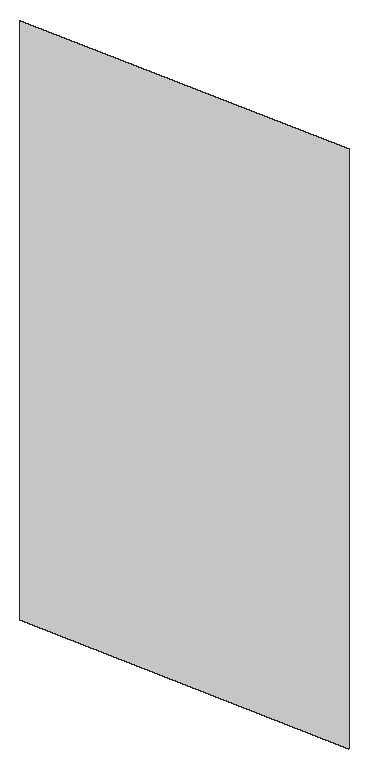
Revit family "PKNail AV Outlet", category Electrical Fixtures, host Wall, Revit 2017
Family settings
  Host = Wall
  Maintain Annotation Orientation = No
  Round Connector Dimension = Use Diameter
  Part Type = Normal
  OmniClass Number = 23.80.50.11.11
  OmniClass Title = Receptacle Terminal Units
  Always vertical = Yes
  Cut with Voids When Loaded = No
  Shared = No
  Room Calculation Point = No
Parameters (values of type "AV Outlet")
  Width = 0' - 2 3/4"
  PKNail Family Measure Location Centered = yes
  PKNail Family Instance Elevation [instance] = 0' - 10"
  PKNail Family Fixed Dimensions = "Width:Height"
  Label = "AV"
  Height = 0' - 4 1/2"
  Material = Plastic - White
Reference planes (in)
  plane 1: y = 0
  plane 2 "Center (Left/Right)": x = 0
  plane 3 "Back": y = 3
  plane 4 "Left": x = -1.375
  plane 5 "Right": x = 1.375
  plane 6: z = 9.75
  plane 7: z = 14.25
  plane 8 "Center (Elevation)": z = 12
  plane 9: y = 3.1875
  plane 10: y = 3.25
  plane 11: z = 2
Forms (in)
  Blend 1, solid, material "Plastic - White" <- "Material"
    base sketch origin (0, 3, 0) x (1, 0, 0) y (0, 0, 1)
      loop
        line (1.375, 14.25) -> (-1.375, 14.25) -> (-1.375, 9.75) -> (1.375, 9.75) -> (1.375, 14.25)
    top sketch origin (0, 3, 0) x (1, 0, 0) y (0, 0, 1)
      loop
        line (1.1875, 14.0625) -> (-1.1875, 14.0625) -> (-1.1875, 9.9375) -> (1.1875, 9.9375) -> (1.1875, 14.0625)
    from 0 to -0.1875
Lines and regions (in)
  model lines, style "InvisibleLines"
    curve 1: line (0, 3, 9.75) -> (0, 3, 2)
Text (in)
  text "Placement Side" at (0, 40.15149, 123.01588), in view "Right"
  text "Placement Side" at (0, 47.49176, 140.59947), in view "Left"
Dimensions and locks (in)
  locked: plane 3 "Back" to host wall
  "Height": plane 6 to plane 7
  "Width": plane 5 "Right" to plane 4 "Left"
  equal spacing: plane 5 "Right", plane 2 "Center (Left/Right)", plane 4 "Left"
  equal spacing: plane 6, plane 8 "Center (Elevation)", plane 7
  locked: plane 3 "Back" to plane 9 at 0.1875
  locked: plane 9 to plane 10 at 0.0625
  "PKNail Family Instance Elevation": plane 11 to plane 8 "Center (Elevation)"
  aligned and locked: plane 6 to Blend 1 sketch curve
  aligned and locked: plane 5 "Right" to Blend 1 sketch curve
  aligned and locked: Blend 1 sketch curve to plane 7
  aligned and locked: plane 3 "Back" to nested 1
  aligned and locked: Blend 1 to curve 1
  aligned and locked: curve 1 to plane 2 "Center (Left/Right)"
Automatic sketch dimensions
  plane 4 "Left" to Blend 1 sketch curve = 0' - 0 3/16"
  Blend 1 sketch curve to plane 5 "Right" = 0' - 0 3/16"
  Blend 1 sketch curve to plane 6 = 0' - 0 3/16"
  plane 7 to Blend 1 sketch curve = 0' - 0 3/16"
  Blend 1 sketch curve to plane 4 "Left" = 0' - 0"
  curve 1 to plane 11 = 0' - 0"
Nested families (in)
  nested 1: "Outlet Annotation2" at (-0.0036, 3, 0), type "Outlet Annotation2"
Definition of nested family "Outlet Annotation2"
  Parameters
    Label = "TV"
  Reference planes (in)
    plane 1: y = 0
    plane 2: x = 0
  Lines and regions (in)
    detail lines
      curve 1: line (0, 0.01567, 0) -> (0, 0.10936, 0)
      curve 2: line (-0.0625, 0.23436, 0) -> (0.0625, 0.23436, 0)
      curve 3: line (-0.0625, 0.10936, 0) -> (-0.0625, 0.23436, 0)
      curve 4: line (0.0625, 0.10936, 0) -> (-0.0625, 0.10936, 0)
      curve 5: line (0.0625, 0.23436, 0) -> (0.0625, 0.10936, 0)
  Text (in)
    label "Label" at (-0.00005, 0.17151, 0), shows "Label"
